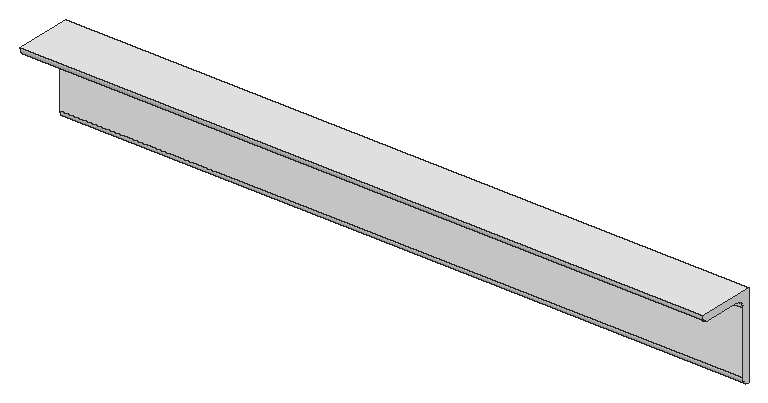
Revit family
Parameters (values of type "L152X102X12.7")
  k = 25 mm
  시작 확장 계산 [instance] = 3012.5 mm + 시작 확장  # 3000 mm
  시작 확장 [instance] = -12.5 mm
  끝 확장 계산 [instance] = 3012.5 mm + 끝 확장  # 3000 mm
  끝 확장 [instance] = -12.5 mm
  보 재료 [instance] = 금속 - 스틸 - 345 MPa
  A = 0.09 m²
  Length [instance] = 1524 mm
  W = 0
  b = 102 mm
  d = 152 mm
  t = 13 mm
  x = 25 mm
  y = 51 mm
Reference planes
  plane 1 "중심(앞/뒤)": y = 0
  plane 2: z = 0
  plane 3 "중심(왼쪽/오른쪽)": x = 4.61
  plane 4 "왼쪽 부재": x = -604.99
  plane 5 "오른쪽 부재": x = 614.21
  plane 6: y = 25
  plane 7: y = -77
  plane 8 "상단": z = 51
  plane 9: z = -101
  plane 10 "왼쪽": x = -757.39
  plane 11 "오른쪽": x = 766.61
  plane 12: x = -604.99
  plane 13: x = 614.21
  plane 14: x = 2395.01
  plane 15: x = -2385.79
Forms (mm)
  Sweep 1, solid, material "금속 - 스틸 - 345 MPa" <- "보 재료", detail levels medium
    path origin (0, 0, 0) x (1, 0, 0) y (0, 1, 0)
      loop
        line (614.21, 0) -> (-604.99, 0)
    profile "M_L-각도-프로파일-중간 : M_L-각도-프로파일-중간" origin (4.61, 0, 0) x (0, -1, 0) y (0, 0, 1)
      loop
        line (-25, -101) -> (-12, -101) -> (-12, 38) -> (77, 38) -> (77, 51) -> (-25, 51) -> (-25, -101)
  Sweep 2, solid, material "금속 - 스틸 - 345 MPa" <- "보 재료", detail levels fine
    path origin (0, 0, 0) x (1, 0, 0) y (0, 1, 0)
      loop
        line (614.21, 0) -> (-604.99, 0)
    profile "M_L-각도-프로파일-섬세 : M_L-각도-프로파일-섬세" origin (4.61, 0, 0) x (0, -1, 0) y (0, 0, 1)
      loop
        arc (-25, -101) -> (-15.808, -97.192) -> (-12, -88) r 13
        line (-12, -88) -> (-12, 25)
        arc (-12, 25) -> (-8.192, 34.192) -> (1, 38) r 13
        line (1, 38) -> (64, 38)
        arc (64, 38) -> (73.192, 41.808) -> (77, 51) r 13
        line (77, 51) -> (-25, 51) -> (-25, -101)
Lines and regions (mm)
  symbolic lines, style "숨겨진 면", detail levels medium+fine
    curve 1: line (-604.99, 0, 38) -> (614.21, 0, 38)
    curve 2: line (-604.99, 12, 0) -> (614.21, 12, 0)
  symbolic lines, style "기호 부착", detail levels coarse
    curve 3: line (4.61, 25, 51) -> (4.61, -77, 51)
    curve 4: line (4.61, 25, -101) -> (4.61, 25, 51)
Dimensions and locks
  "b": plane 6 to plane 7
  "d": plane 9 to plane 8 "상단"
  "x": plane 6 to plane 1 "중심(앞/뒤)"
  "y": plane 8 "상단" to plane 2
  "Length": plane 10 "왼쪽" to plane 11 "오른쪽"
  "t": plane 6 to curve 2
  locked: plane 4 "왼쪽 부재" to plane 14 at 3000
  locked: plane 15 to plane 5 "오른쪽 부재" at 3000
  "시작 확장 계산": plane 12 to plane 14
  "끝 확장 계산": plane 15 to plane 13
  aligned and locked: Sweep 1 sketch curve to plane 1 "중심(앞/뒤)"
  aligned and locked: Sweep 2 sketch curve to plane 1 "중심(앞/뒤)"
  aligned and locked: plane 12 to Sweep 1 sketch curve
  aligned and locked: plane 13 to Sweep 1 sketch curve
  aligned and locked: plane 12 to Sweep 2 sketch curve
  aligned and locked: plane 13 to Sweep 2 sketch curve
  aligned and locked: plane 12 to curve 2
  aligned and locked: plane 13 to curve 2
  aligned and locked: plane 12 to curve 1
  aligned and locked: plane 13 to curve 1
  aligned and locked: Sweep 1 to curve 3
  aligned and locked: curve 4 to Sweep 1
  aligned and locked: curve 3 to Sweep 2
  aligned and locked: curve 4 to Sweep 2
Automatic sketch dimensions
  plane 8 "상단" to curve 1 = 13 mm
